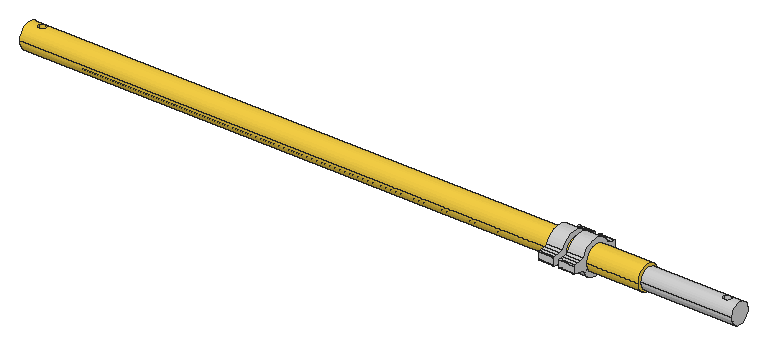
Revit family "EV_PUSH PULL PROP LIGHT 1.55-2.5_1856130", category Generic Models, Revit 2018
Family settings
  Can host rebar = No
  Round Connector Dimension = Use Diameter
  Part Type = Normal
  OmniClass Number = 35.51.14.00
  OmniClass Title = FORMWORK
  Work Plane-Based = Yes
  Always vertical = No
  Cut with Voids When Loaded = No
  Shared = Yes
  Room Calculation Point = No
Parameters
  VERSION = "20170217"  # constant formula
  URL = "www.ulmaconstruction.com/en"
  UNICLASS = ""
  REAL_LENGTH [instance] = if(LENGTH < MIN LENGTH, MIN LENGTH, if(LENGTH < MAX LENGTH, LENGTH, MAX LENGTH))  # 1550.000 mm
  Manufacturer = "ULMA CONSTRUCTION"  # constant formula
  MIN LENGTH [instance] = 1550.000 mm  # constant formula
  MAX LENGTH [instance] = 2500.000 mm  # constant formula
  LENGTH [instance] = 1550.000 mm
  ITEM_CODE = "1856130"
  FILTER [instance] = ""
  Default Elevation = 0.000 mm
  CLASSIFICATION_TITLE = ""
  CLASSIFICATION_NUMBER = ""
Reference planes
  plane 1 "Centro (Frontal/Posterior)": y = 0
  plane 2: z = 0
  plane 3 "Centro (Izquierda/Derecha)": x = 0
  plane 4 "BODY START": x = -30
  plane 5 "BODY END": x = 1370
  plane 6 "RIGHT SCREW END": x = 102.5
  plane 7 "RIGHT SCREW START": x = 1577.5
  plane 8 "ITEM_LENGTH": x = 1550
  plane 9 "LENGTH": x = 1550
Forms (mm)
  Extrusion 1, solid, material "ULMA YELLOW", detail levels medium+fine
    sketch origin (-30, 97.331, 1219.2) x (0, 1, 0) y (0, 0, 1)
      loop
        circle (-97.331, -1219.2) r 27.5
    from 0 to 1400
  Extrusion 2, solid, material "ULMA ZINC", detail levels medium+fine
    sketch origin (1040, 91.7, 1219.2) x (0, 1, 0) y (0, 0, -1)
      loop
        circle (-91.7, 1219.2) r 22.5
    from -537.5 to 937.5
  Extrusion 3, void
    sketch origin (0, 0, 0) x (1, 0, 0) y (0, 1, 0)
      loop
        circle (0, 0) r 8.25
    from -35 to 35
  Extrusion 4, void
    sketch origin (0, 0, 0) x (1, 0, 0) y (0, 1, 0)
      loop
        circle (1550, 0) r 8.25
    from -22.5 to 22.5
  Extrusion 5, solid, material "ULMA ZINC", detail levels medium+fine
    sketch origin (0, 0, 0) x (0, 1, 0) y (0, 0, 1)
      loop
        arc (34.431, -14.857) -> (39.388, -12.727) -> (44.733, -12) r 20
        line (44.733, -12) -> (53, -12)
        arc (53, -12) -> (54.414, -11.414) -> (55, -10) r 2
        line (55, -10) -> (55, 10)
        arc (55, 10) -> (54.414, 11.414) -> (53, 12) r 2
        line (53, 12) -> (44.733, 12)
        arc (44.733, 12) -> (39.388, 12.727) -> (34.431, 14.857) r 20
        arc (34.431, 14.857) -> (-0.936, 37.488) -> (-35.13, 13.12) r 37.5
        arc (-35.13, 13.12) -> (-38.293, 11.663) -> (-41.696, 10.924) r 16
        line (-41.696, 10.924) -> (-50.209, 10.029) -> (-58.209, 9.188)
        arc (-58.209, 9.188) -> (-59.486, 8.537) -> (-60, 7.199) r 2
        line (-60, 7.199) -> (-60, -7.199)
        arc (-60, -7.199) -> (-59.486, -8.537) -> (-58.209, -9.188) r 2
        line (-58.209, -9.188) -> (-50.209, -10.029) -> (-41.696, -10.924)
        arc (-41.696, -10.924) -> (-38.293, -11.663) -> (-35.13, -13.12) r 16
        arc (-35.13, -13.12) -> (-0.936, -37.488) -> (34.431, -14.857) r 37.5
    from 1169.5 to 1204.5
  Extrusion 6, solid, material "ULMA ZINC", detail levels medium+fine
    sketch origin (0, 0, 0) x (0, 1, 0) y (0, 0, 1)
      loop
        arc (34.431, -14.857) -> (39.388, -12.727) -> (44.733, -12) r 20
        line (44.733, -12) -> (53, -12)
        arc (53, -12) -> (54.414, -11.414) -> (55, -10) r 2
        line (55, -10) -> (55, 10)
        arc (55, 10) -> (54.414, 11.414) -> (53, 12) r 2
        line (53, 12) -> (44.733, 12)
        arc (44.733, 12) -> (39.388, 12.727) -> (34.431, 14.857) r 20
        arc (34.431, 14.857) -> (-0.936, 37.488) -> (-35.13, 13.12) r 37.5
        arc (-35.13, 13.12) -> (-38.293, 11.663) -> (-41.696, 10.924) r 16
        line (-41.696, 10.924) -> (-50.209, 10.029) -> (-58.209, 9.188)
        arc (-58.209, 9.188) -> (-59.486, 8.537) -> (-60, 7.199) r 2
        line (-60, 7.199) -> (-60, -7.199)
        arc (-60, -7.199) -> (-59.486, -8.537) -> (-58.209, -9.188) r 2
        line (-58.209, -9.188) -> (-50.209, -10.029) -> (-41.696, -10.924)
        arc (-41.696, -10.924) -> (-38.293, -11.663) -> (-35.13, -13.12) r 16
        arc (-35.13, -13.12) -> (-0.936, -37.488) -> (34.431, -14.857) r 37.5
    from 1216.5 to 1251.5
Cuts and joins
  Extrusion 3 cuts Extrusion 1
  Extrusion 4 cuts Extrusion 2
Lines and regions (mm)
  model lines, style "ULMA PUSH-PULL PROP", detail levels coarse
    curve 1: line (0, 0, 0) -> (1550, 0, 0)
Dimensions and locks
  "REAL_LENGTH": plane 3 "Centro (Izquierda/Derecha)" to plane 8 "ITEM_LENGTH"
  "LENGTH": plane 3 "Centro (Izquierda/Derecha)" to plane 9 "LENGTH"
  plane 3 "Centro (Izquierda/Derecha)" to plane 8 "ITEM_LENGTH" = 1550.000 mm
  locked: plane 4 "BODY START" to plane 3 "Centro (Izquierda/Derecha)" at 30
  locked: plane 4 "BODY START" to plane 5 "BODY END" at 1400
  locked: plane 6 "RIGHT SCREW END" to plane 7 "RIGHT SCREW START" at 1475
  locked: Extrusion 4 sketch curve to plane 7 "RIGHT SCREW START" at 27.5
  locked: plane 8 "ITEM_LENGTH" to plane 7 "RIGHT SCREW START" at 27.5
  aligned and locked: level to plane 2
  aligned and locked: Extrusion 1 to plane 4 "BODY START"
  aligned and locked: plane 5 "BODY END" to Extrusion 1
  aligned and locked: Extrusion 2 to plane 7 "RIGHT SCREW START"
  aligned and locked: Extrusion 2 to plane 6 "RIGHT SCREW END"
Automatic sketch dimensions
  Extrusion 1 sketch curve to level = 0.000 mm
  Extrusion 1 sketch curve to plane 1 "Centro (Frontal/Posterior)" = 0.000 mm
  Extrusion 2 sketch curve to level = 0.000 mm
  Extrusion 2 sketch curve to plane 1 "Centro (Frontal/Posterior)" = 0.000 mm
  plane 1 "Centro (Frontal/Posterior)" to Extrusion 3 sketch curve = 0.000 mm
  Extrusion 3 sketch curve to plane 3 "Centro (Izquierda/Derecha)" = 0.000 mm
  plane 1 "Centro (Frontal/Posterior)" to Extrusion 4 sketch curve = 0.000 mm
  Extrusion 5 sketch curve to level = 12.000 mm
  Extrusion 5 sketch curve to plane 1 "Centro (Frontal/Posterior)" = 44.733 mm
  Extrusion 5 sketch curve to Extrusion 5 sketch curve = 0.000 mm  (x3)
  Extrusion 5 sketch curve to Extrusion 5 sketch curve = 8.267 mm  (x2)
  Extrusion 5 sketch curve to Extrusion 5 sketch curve = 2.000 mm  (x3)
  level to Extrusion 5 sketch curve = 10.000 mm
  Extrusion 5 sketch curve to Extrusion 5 sketch curve = 10.301 mm  (x2)
  Extrusion 5 sketch curve to plane 1 "Centro (Frontal/Posterior)" = 0.000 mm
  level to Extrusion 5 sketch curve = 13.120 mm
  level to Extrusion 5 sketch curve = 14.857 mm
  Extrusion 5 sketch curve to level = 10.924 mm
  Extrusion 5 sketch curve to Extrusion 5 sketch curve = 6.566 mm  (x2)
  Extrusion 5 sketch curve to Extrusion 5 sketch curve = 1.672 mm  (x2)
  level to Extrusion 5 sketch curve = 10.029 mm
  Extrusion 5 sketch curve to Extrusion 5 sketch curve = 8.513 mm  (x2)
  Extrusion 5 sketch curve to level = 10.029 mm
  Extrusion 5 sketch curve to Extrusion 5 sketch curve = 7.791 mm  (x2)
  Extrusion 5 sketch curve to level = 9.188 mm
  Extrusion 5 sketch curve to Extrusion 5 sketch curve = 0.209 mm  (x2)
  level to Extrusion 5 sketch curve = 9.188 mm
  Extrusion 5 sketch curve to Extrusion 5 sketch curve = 2.196 mm
  Extrusion 5 sketch curve to level = 0.000 mm
  Extrusion 5 sketch curve to Extrusion 5 sketch curve = 15.912 mm
  Extrusion 6 sketch curve to Extrusion 6 sketch curve = 0.000 mm  (x4)
  Extrusion 6 sketch curve to level = 0.000 mm
  Extrusion 6 sketch curve to plane 1 "Centro (Frontal/Posterior)" = 0.000 mm
  Extrusion 6 sketch curve to level = 10.924 mm
  plane 1 "Centro (Frontal/Posterior)" to Extrusion 6 sketch curve = 41.696 mm
  level to Extrusion 6 sketch curve = 10.924 mm
  Extrusion 6 sketch curve to Extrusion 6 sketch curve = 1.672 mm  (x2)
  Extrusion 6 sketch curve to level = 10.029 mm
  Extrusion 6 sketch curve to Extrusion 6 sketch curve = 8.513 mm  (x2)
  level to Extrusion 6 sketch curve = 10.029 mm
  Extrusion 6 sketch curve to Extrusion 6 sketch curve = 7.791 mm  (x2)
  Extrusion 6 sketch curve to level = 9.188 mm
  Extrusion 6 sketch curve to Extrusion 6 sketch curve = 0.209 mm  (x2)
  level to Extrusion 6 sketch curve = 9.188 mm
  Extrusion 6 sketch curve to Extrusion 6 sketch curve = 2.000 mm  (x2)
  Extrusion 6 sketch curve to plane 1 "Centro (Frontal/Posterior)" = 44.733 mm
  Extrusion 6 sketch curve to level = 12.000 mm
  Extrusion 6 sketch curve to Extrusion 6 sketch curve = 8.267 mm  (x2)
  Extrusion 6 sketch curve to Extrusion 6 sketch curve = 15.912 mm  (x2)
  Extrusion 6 sketch curve to Extrusion 6 sketch curve = 20.000 mm  (x2)
  level to Extrusion 6 sketch curve = 10.000 mm
  Extrusion 6 sketch curve to Extrusion 6 sketch curve = 6.566 mm  (x2)
  plane 1 "Centro (Frontal/Posterior)" to curve 1 = 0.000 mm
  curve 1 to plane 3 "Centro (Izquierda/Derecha)" = 0.000 mm
  curve 1 to plane 8 "ITEM_LENGTH" = 0.000 mm
  radius of Extrusion 1 sketch curve = 27.500 mm
  radius of Extrusion 3 sketch curve = 8.250 mm
  radius of Extrusion 2 sketch curve = 22.500 mm
  radius of Extrusion 4 sketch curve = 8.250 mm
